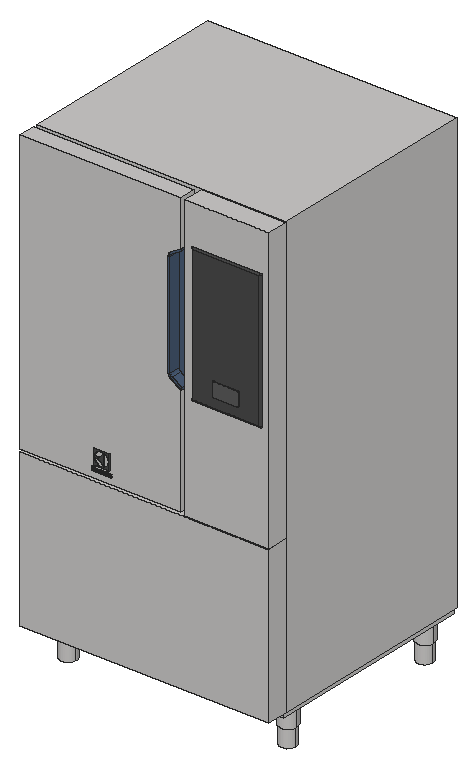
Revit family "QF_ELECTROLUXPROFESSIONAL_727735_EBFA11A", category Specialty Equipment, Revit 2018 (continued)
Automatic sketch dimensions
  Split face 146 sketch curve to Extrusion 4 = 242.501 mm
  Split face 146 sketch curve to Split face 146 sketch curve = 4.974 mm
  Split face 147 sketch curve to Extrusion 4 = 392.465 mm
  Split face 147 sketch curve to Split face 147 sketch curve = 110.016 mm
  Split face 147 sketch curve to Extrusion 4 = 252.001 mm
  Split face 147 sketch curve to Split face 147 sketch curve = 4.974 mm
  Split face 148 sketch curve to Extrusion 4 = 392.465 mm
  Split face 148 sketch curve to Split face 148 sketch curve = 110.016 mm
  Split face 148 sketch curve to Extrusion 4 = 261.501 mm
  Split face 148 sketch curve to Split face 148 sketch curve = 4.974 mm
  Split face 149 sketch curve to Extrusion 4 = 392.465 mm
  Split face 149 sketch curve to Split face 149 sketch curve = 110.016 mm
  Split face 149 sketch curve to Extrusion 4 = 271.001 mm
  Split face 149 sketch curve to Split face 149 sketch curve = 4.974 mm
  Split face 150 sketch curve to Extrusion 4 = 392.465 mm
  Split face 150 sketch curve to Split face 150 sketch curve = 110.016 mm
  Split face 150 sketch curve to Extrusion 4 = 279.479 mm
  Split face 150 sketch curve to Split face 150 sketch curve = 4.974 mm
  Split face 151 sketch curve to Extrusion 4 = 392.465 mm
  Split face 151 sketch curve to Split face 151 sketch curve = 110.016 mm
  Split face 151 sketch curve to Extrusion 4 = 269.979 mm
  Split face 151 sketch curve to Split face 151 sketch curve = 4.974 mm
  Split face 152 sketch curve to Extrusion 4 = 392.465 mm
  Split face 152 sketch curve to Split face 152 sketch curve = 110.016 mm
  Split face 152 sketch curve to Extrusion 4 = 260.479 mm
  Split face 152 sketch curve to Split face 152 sketch curve = 4.974 mm
  Split face 153 sketch curve to Extrusion 4 = 392.465 mm
  Split face 153 sketch curve to Split face 153 sketch curve = 110.016 mm
  Split face 153 sketch curve to Extrusion 4 = 250.978 mm
  Split face 153 sketch curve to Split face 153 sketch curve = 4.974 mm
  Split face 154 sketch curve to Extrusion 4 = 392.465 mm
  Split face 154 sketch curve to Split face 154 sketch curve = 110.016 mm
  Split face 154 sketch curve to Extrusion 4 = 241.478 mm
  Split face 154 sketch curve to Split face 154 sketch curve = 4.974 mm
  Split face 155 sketch curve to Extrusion 4 = 392.465 mm
  Split face 155 sketch curve to Split face 155 sketch curve = 110.016 mm
  Split face 155 sketch curve to Extrusion 4 = 231.978 mm
  Split face 155 sketch curve to Split face 155 sketch curve = 4.974 mm
  Split face 156 sketch curve to Extrusion 4 = 392.465 mm
  Split face 156 sketch curve to Split face 156 sketch curve = 110.016 mm
  Split face 156 sketch curve to Extrusion 4 = 222.478 mm
  Split face 156 sketch curve to Split face 156 sketch curve = 4.974 mm
  Split face 157 sketch curve to Extrusion 4 = 392.465 mm
  Split face 157 sketch curve to Split face 157 sketch curve = 110.016 mm
  Split face 157 sketch curve to Extrusion 4 = 212.978 mm
  Split face 157 sketch curve to Split face 157 sketch curve = 4.974 mm
  Split face 158 sketch curve to Extrusion 4 = 392.465 mm
  Split face 158 sketch curve to Split face 158 sketch curve = 110.016 mm
  Split face 158 sketch curve to Extrusion 4 = 203.478 mm
  Split face 158 sketch curve to Split face 158 sketch curve = 4.974 mm
  Split face 159 sketch curve to Extrusion 4 = 193.978 mm
  Split face 159 sketch curve to Extrusion 4 = 392.465 mm
  Split face 159 sketch curve to Split face 159 sketch curve = 110.016 mm
  Split face 159 sketch curve to Split face 159 sketch curve = 4.974 mm
  Split face 160 sketch curve to Extrusion 4 = 184.478 mm
  Split face 160 sketch curve to Extrusion 4 = 392.465 mm
  Split face 160 sketch curve to Split face 160 sketch curve = 110.016 mm
  Split face 160 sketch curve to Split face 160 sketch curve = 4.974 mm
  Split face 161 sketch curve to Extrusion 4 = 174.978 mm
  Split face 161 sketch curve to Extrusion 4 = 392.465 mm
  Split face 161 sketch curve to Split face 161 sketch curve = 110.016 mm
  Split face 161 sketch curve to Split face 161 sketch curve = 4.974 mm
  Split face 162 sketch curve to Extrusion 4 = 165.478 mm
  Split face 162 sketch curve to Extrusion 4 = 392.465 mm
  Split face 162 sketch curve to Split face 162 sketch curve = 110.016 mm
  Split face 162 sketch curve to Split face 162 sketch curve = 4.974 mm
  Split face 163 sketch curve to Extrusion 4 = 155.978 mm
  Split face 163 sketch curve to Extrusion 4 = 392.465 mm
  Split face 163 sketch curve to Split face 163 sketch curve = 110.016 mm
  Split face 163 sketch curve to Split face 163 sketch curve = 4.974 mm
  Split face 164 sketch curve to Extrusion 4 = 146.478 mm
  Split face 164 sketch curve to Extrusion 4 = 392.465 mm
  Split face 164 sketch curve to Split face 164 sketch curve = 110.016 mm
  Split face 164 sketch curve to Split face 164 sketch curve = 4.974 mm
  Split face 165 sketch curve to Extrusion 4 = 33.499 mm
  Split face 165 sketch curve to Extrusion 4 = 382.543 mm
  Split face 165 sketch curve to Extrusion 4 = 28.525 mm
  Split face 165 sketch curve to Split face 165 sketch curve = 110.016 mm
  Split face 166 sketch curve to Extrusion 4 = 42.999 mm
  Split face 166 sketch curve to Extrusion 4 = 382.543 mm
  Split face 166 sketch curve to Extrusion 4 = 38.025 mm
  Split face 166 sketch curve to Split face 166 sketch curve = 110.016 mm
  Split face 167 sketch curve to Extrusion 4 = 52.499 mm
  Split face 167 sketch curve to Extrusion 4 = 382.543 mm
  Split face 167 sketch curve to Extrusion 4 = 47.525 mm
  Split face 167 sketch curve to Split face 167 sketch curve = 110.016 mm
  Split face 168 sketch curve to Extrusion 4 = 61.999 mm
  Split face 168 sketch curve to Extrusion 4 = 382.543 mm
  Split face 168 sketch curve to Split face 168 sketch curve = 110.016 mm
  Split face 168 sketch curve to Split face 168 sketch curve = 4.974 mm
  Split face 169 sketch curve to Extrusion 4 = 71.499 mm
  Split face 169 sketch curve to Extrusion 4 = 382.543 mm
  Split face 169 sketch curve to Split face 169 sketch curve = 110.016 mm
  Split face 169 sketch curve to Split face 169 sketch curve = 4.974 mm
  Split face 170 sketch curve to Extrusion 4 = 80.999 mm
  Split face 170 sketch curve to Extrusion 4 = 382.543 mm
  Split face 170 sketch curve to Split face 170 sketch curve = 110.016 mm
  Split face 170 sketch curve to Split face 170 sketch curve = 4.974 mm
  Split face 171 sketch curve to Extrusion 4 = 90.499 mm
  Split face 171 sketch curve to Extrusion 4 = 382.543 mm
  Split face 171 sketch curve to Split face 171 sketch curve = 110.016 mm
  Split face 171 sketch curve to Split face 171 sketch curve = 4.974 mm
  Split face 172 sketch curve to Extrusion 4 = 99.999 mm
  Split face 172 sketch curve to Extrusion 4 = 382.543 mm
  Split face 172 sketch curve to Split face 172 sketch curve = 110.016 mm
  Split face 172 sketch curve to Split face 172 sketch curve = 4.974 mm
  Split face 173 sketch curve to Extrusion 4 = 109.499 mm
  Split face 173 sketch curve to Extrusion 4 = 382.543 mm
  Split face 173 sketch curve to Split face 173 sketch curve = 110.016 mm
  Split face 173 sketch curve to Split face 173 sketch curve = 4.974 mm
  Split face 174 sketch curve to Extrusion 4 = 119 mm
  Split face 174 sketch curve to Extrusion 4 = 382.543 mm
  Split face 174 sketch curve to Split face 174 sketch curve = 110.016 mm
  Split face 174 sketch curve to Split face 174 sketch curve = 4.974 mm
  Split face 175 sketch curve to Extrusion 4 = 128.5 mm
  Split face 175 sketch curve to Extrusion 4 = 382.543 mm
  Split face 175 sketch curve to Split face 175 sketch curve = 110.016 mm
  Split face 175 sketch curve to Split face 175 sketch curve = 4.974 mm
  Split face 176 sketch curve to Extrusion 4 = 138 mm
  Split face 176 sketch curve to Extrusion 4 = 382.543 mm
  Split face 176 sketch curve to Split face 176 sketch curve = 110.016 mm
  Split face 176 sketch curve to Split face 176 sketch curve = 4.974 mm
  Split face 177 sketch curve to Extrusion 4 = 147.5 mm
  Split face 177 sketch curve to Extrusion 4 = 382.543 mm
  Split face 177 sketch curve to Split face 177 sketch curve = 110.016 mm
  Split face 177 sketch curve to Split face 177 sketch curve = 4.974 mm
  Split face 178 sketch curve to Extrusion 4 = 157 mm
  Split face 178 sketch curve to Extrusion 4 = 382.543 mm
  Split face 178 sketch curve to Split face 178 sketch curve = 110.016 mm
  Split face 178 sketch curve to Split face 178 sketch curve = 4.974 mm
  Split face 179 sketch curve to Extrusion 4 = 166.5 mm
  Split face 179 sketch curve to Extrusion 4 = 382.543 mm
  Split face 179 sketch curve to Split face 179 sketch curve = 110.016 mm
  Split face 179 sketch curve to Split face 179 sketch curve = 4.974 mm
  Split face 180 sketch curve to Extrusion 4 = 176 mm
  Split face 180 sketch curve to Extrusion 4 = 382.543 mm
  Split face 180 sketch curve to Split face 180 sketch curve = 110.016 mm
  Split face 180 sketch curve to Split face 180 sketch curve = 4.974 mm
  Split face 181 sketch curve to Extrusion 4 = 185.5 mm
  Split face 181 sketch curve to Extrusion 4 = 382.543 mm
  Split face 181 sketch curve to Split face 181 sketch curve = 110.016 mm
  Split face 181 sketch curve to Split face 181 sketch curve = 4.974 mm
  Split face 182 sketch curve to Extrusion 4 = 382.543 mm
  Split face 182 sketch curve to Split face 182 sketch curve = 110.016 mm
  Split face 182 sketch curve to Extrusion 4 = 195 mm
  Split face 182 sketch curve to Split face 182 sketch curve = 4.974 mm
  Split face 183 sketch curve to Extrusion 4 = 382.543 mm
  Split face 183 sketch curve to Split face 183 sketch curve = 110.016 mm
  Split face 183 sketch curve to Extrusion 4 = 204.5 mm
  Split face 183 sketch curve to Split face 183 sketch curve = 4.974 mm
  Split face 184 sketch curve to Extrusion 4 = 382.543 mm
  Split face 184 sketch curve to Split face 184 sketch curve = 110.016 mm
  Split face 184 sketch curve to Extrusion 4 = 214 mm
  Split face 184 sketch curve to Split face 184 sketch curve = 4.974 mm
  Split face 185 sketch curve to Extrusion 4 = 382.543 mm
  Split face 185 sketch curve to Split face 185 sketch curve = 110.016 mm
  Split face 185 sketch curve to Extrusion 4 = 223.5 mm
  Split face 185 sketch curve to Split face 185 sketch curve = 4.974 mm
  Split face 186 sketch curve to Extrusion 4 = 382.543 mm
  Split face 186 sketch curve to Split face 186 sketch curve = 110.016 mm
  Split face 186 sketch curve to Extrusion 4 = 233.001 mm
  Split face 186 sketch curve to Split face 186 sketch curve = 4.974 mm
  Split face 187 sketch curve to Extrusion 4 = 382.543 mm
  Split face 187 sketch curve to Split face 187 sketch curve = 110.016 mm
  Split face 187 sketch curve to Extrusion 4 = 242.501 mm
  Split face 187 sketch curve to Split face 187 sketch curve = 4.974 mm
  Split face 188 sketch curve to Extrusion 4 = 382.543 mm
  Split face 188 sketch curve to Split face 188 sketch curve = 110.016 mm
  Split face 188 sketch curve to Extrusion 4 = 252.001 mm
  Split face 188 sketch curve to Split face 188 sketch curve = 4.974 mm
  Split face 189 sketch curve to Extrusion 4 = 382.543 mm
  Split face 189 sketch curve to Split face 189 sketch curve = 110.016 mm
  Split face 189 sketch curve to Extrusion 4 = 261.501 mm
  Split face 189 sketch curve to Split face 189 sketch curve = 4.974 mm
  Split face 190 sketch curve to Extrusion 4 = 382.543 mm
  Split face 190 sketch curve to Split face 190 sketch curve = 110.016 mm
  Split face 190 sketch curve to Extrusion 4 = 271.001 mm
  Split face 190 sketch curve to Split face 190 sketch curve = 4.974 mm
  Split face 191 sketch curve to Extrusion 4 = 382.543 mm
  Split face 191 sketch curve to Split face 191 sketch curve = 110.016 mm
  Split face 191 sketch curve to Extrusion 4 = 279.479 mm
  Split face 191 sketch curve to Split face 191 sketch curve = 4.974 mm
  Split face 192 sketch curve to Extrusion 4 = 382.543 mm
  Split face 192 sketch curve to Split face 192 sketch curve = 110.016 mm
  Split face 192 sketch curve to Extrusion 4 = 269.979 mm
  Split face 192 sketch curve to Split face 192 sketch curve = 4.974 mm
  Split face 193 sketch curve to Extrusion 4 = 382.543 mm
  Split face 193 sketch curve to Split face 193 sketch curve = 110.016 mm
  Split face 193 sketch curve to Extrusion 4 = 260.479 mm
  Split face 193 sketch curve to Split face 193 sketch curve = 4.974 mm
  Split face 194 sketch curve to Extrusion 4 = 382.543 mm
  Split face 194 sketch curve to Split face 194 sketch curve = 110.016 mm
  Split face 194 sketch curve to Extrusion 4 = 250.978 mm
  Split face 194 sketch curve to Split face 194 sketch curve = 4.974 mm
  Split face 195 sketch curve to Extrusion 4 = 382.543 mm
  Split face 195 sketch curve to Split face 195 sketch curve = 110.016 mm
  Split face 195 sketch curve to Extrusion 4 = 241.478 mm
  Split face 195 sketch curve to Split face 195 sketch curve = 4.974 mm
  Split face 196 sketch curve to Extrusion 4 = 382.543 mm
  Split face 196 sketch curve to Split face 196 sketch curve = 110.016 mm
  Split face 196 sketch curve to Extrusion 4 = 231.978 mm
  Split face 196 sketch curve to Split face 196 sketch curve = 4.974 mm
  Split face 197 sketch curve to Extrusion 4 = 382.543 mm
  Split face 197 sketch curve to Split face 197 sketch curve = 110.016 mm
  Split face 197 sketch curve to Extrusion 4 = 222.478 mm
  Split face 197 sketch curve to Split face 197 sketch curve = 4.974 mm
  Split face 198 sketch curve to Extrusion 4 = 382.543 mm
  Split face 198 sketch curve to Split face 198 sketch curve = 110.016 mm
  Split face 198 sketch curve to Extrusion 4 = 212.978 mm
  Split face 198 sketch curve to Split face 198 sketch curve = 4.974 mm
  Split face 199 sketch curve to Extrusion 4 = 382.543 mm
  Split face 199 sketch curve to Split face 199 sketch curve = 110.016 mm
  Split face 199 sketch curve to Extrusion 4 = 203.478 mm
  Split face 199 sketch curve to Split face 199 sketch curve = 4.974 mm
  Split face 200 sketch curve to Extrusion 4 = 382.543 mm
  Split face 200 sketch curve to Split face 200 sketch curve = 110.016 mm
  Split face 200 sketch curve to Extrusion 4 = 193.978 mm
  Split face 200 sketch curve to Split face 200 sketch curve = 4.974 mm
  Split face 201 sketch curve to Extrusion 4 = 184.478 mm
  Split face 201 sketch curve to Extrusion 4 = 382.543 mm
  Split face 201 sketch curve to Split face 201 sketch curve = 110.016 mm
  Split face 201 sketch curve to Split face 201 sketch curve = 4.974 mm
  Split face 202 sketch curve to Extrusion 4 = 174.978 mm
  Split face 202 sketch curve to Extrusion 4 = 382.543 mm
  Split face 202 sketch curve to Split face 202 sketch curve = 110.016 mm
  Split face 202 sketch curve to Split face 202 sketch curve = 4.974 mm
  Split face 203 sketch curve to Extrusion 4 = 165.478 mm
  Split face 203 sketch curve to Extrusion 4 = 382.543 mm
  Split face 203 sketch curve to Split face 203 sketch curve = 110.016 mm
  Split face 203 sketch curve to Split face 203 sketch curve = 4.974 mm
  Split face 204 sketch curve to Extrusion 4 = 155.978 mm
  Split face 204 sketch curve to Extrusion 4 = 382.543 mm
  Split face 204 sketch curve to Split face 204 sketch curve = 110.016 mm
  Split face 204 sketch curve to Split face 204 sketch curve = 4.974 mm
  Split face 205 sketch curve to Extrusion 4 = 146.478 mm
  Split face 205 sketch curve to Extrusion 4 = 382.543 mm
  Split face 205 sketch curve to Split face 205 sketch curve = 110.016 mm
  Split face 205 sketch curve to Split face 205 sketch curve = 4.974 mm
  Split face 206 sketch curve to Extrusion 4 = 33.499 mm
  Split face 206 sketch curve to Extrusion 4 = 262.552 mm
  Split face 206 sketch curve to Extrusion 4 = 28.525 mm
  Split face 206 sketch curve to Split face 206 sketch curve = 110.016 mm
  Split face 207 sketch curve to Extrusion 4 = 42.999 mm
  Split face 207 sketch curve to Extrusion 4 = 262.552 mm
  Split face 207 sketch curve to Extrusion 4 = 38.025 mm
  Split face 207 sketch curve to Split face 207 sketch curve = 110.016 mm
  Split face 208 sketch curve to Extrusion 4 = 52.499 mm
  Split face 208 sketch curve to Extrusion 4 = 262.552 mm
  Split face 208 sketch curve to Extrusion 4 = 47.525 mm
  Split face 208 sketch curve to Split face 208 sketch curve = 110.016 mm
  Split face 209 sketch curve to Extrusion 4 = 61.999 mm
  Split face 209 sketch curve to Extrusion 4 = 262.552 mm
  Split face 209 sketch curve to Split face 209 sketch curve = 110.016 mm
  Split face 209 sketch curve to Split face 209 sketch curve = 4.974 mm
  Split face 210 sketch curve to Extrusion 4 = 71.499 mm
  Split face 210 sketch curve to Extrusion 4 = 262.552 mm
  Split face 210 sketch curve to Split face 210 sketch curve = 110.016 mm
  Split face 210 sketch curve to Split face 210 sketch curve = 4.974 mm
  Split face 211 sketch curve to Extrusion 4 = 80.999 mm
  Split face 211 sketch curve to Extrusion 4 = 262.552 mm
  Split face 211 sketch curve to Split face 211 sketch curve = 110.016 mm
  Split face 211 sketch curve to Split face 211 sketch curve = 4.974 mm
  Split face 212 sketch curve to Extrusion 4 = 90.499 mm
  Split face 212 sketch curve to Extrusion 4 = 262.552 mm
  Split face 212 sketch curve to Split face 212 sketch curve = 110.016 mm
  Split face 212 sketch curve to Split face 212 sketch curve = 4.974 mm
  Split face 213 sketch curve to Extrusion 4 = 99.999 mm
  Split face 213 sketch curve to Extrusion 4 = 262.552 mm
  Split face 213 sketch curve to Split face 213 sketch curve = 110.016 mm
  Split face 213 sketch curve to Split face 213 sketch curve = 4.974 mm
  Split face 214 sketch curve to Extrusion 4 = 109.499 mm
  Split face 214 sketch curve to Extrusion 4 = 262.552 mm
  Split face 214 sketch curve to Split face 214 sketch curve = 110.016 mm
  Split face 214 sketch curve to Split face 214 sketch curve = 4.974 mm
  Split face 215 sketch curve to Extrusion 4 = 119 mm
  Split face 215 sketch curve to Extrusion 4 = 262.552 mm
  Split face 215 sketch curve to Split face 215 sketch curve = 110.016 mm
  Split face 215 sketch curve to Split face 215 sketch curve = 4.974 mm
  Split face 216 sketch curve to Extrusion 4 = 128.5 mm
  Split face 216 sketch curve to Extrusion 4 = 262.552 mm
  Split face 216 sketch curve to Split face 216 sketch curve = 110.016 mm
  Split face 216 sketch curve to Split face 216 sketch curve = 4.974 mm
  Split face 217 sketch curve to Extrusion 4 = 262.552 mm
  Split face 217 sketch curve to Split face 217 sketch curve = 110.016 mm
  Split face 217 sketch curve to Extrusion 4 = 138 mm
  Split face 217 sketch curve to Split face 217 sketch curve = 4.974 mm
  Split face 218 sketch curve to Extrusion 4 = 262.552 mm
  Split face 218 sketch curve to Split face 218 sketch curve = 110.016 mm
  Split face 218 sketch curve to Extrusion 4 = 147.5 mm
  Split face 218 sketch curve to Split face 218 sketch curve = 4.974 mm
  Split face 219 sketch curve to Extrusion 4 = 262.552 mm
  Split face 219 sketch curve to Split face 219 sketch curve = 110.016 mm
  Split face 219 sketch curve to Extrusion 4 = 157 mm
  Split face 219 sketch curve to Split face 219 sketch curve = 4.974 mm
  Split face 220 sketch curve to Extrusion 4 = 262.552 mm
  Split face 220 sketch curve to Split face 220 sketch curve = 110.016 mm
  Split face 220 sketch curve to Extrusion 4 = 166.5 mm
  Split face 220 sketch curve to Split face 220 sketch curve = 4.974 mm
  Split face 221 sketch curve to Extrusion 4 = 262.552 mm
  Split face 221 sketch curve to Split face 221 sketch curve = 110.016 mm
  Split face 221 sketch curve to Extrusion 4 = 176 mm
  Split face 221 sketch curve to Split face 221 sketch curve = 4.974 mm
  Split face 222 sketch curve to Extrusion 4 = 262.552 mm
  Split face 222 sketch curve to Split face 222 sketch curve = 110.016 mm
  Split face 222 sketch curve to Extrusion 4 = 185.5 mm
  Split face 222 sketch curve to Split face 222 sketch curve = 4.974 mm
  Split face 223 sketch curve to Extrusion 4 = 262.552 mm
  Split face 223 sketch curve to Split face 223 sketch curve = 110.016 mm
  Split face 223 sketch curve to Extrusion 4 = 195 mm
  Split face 223 sketch curve to Split face 223 sketch curve = 4.974 mm
  Split face 224 sketch curve to Extrusion 4 = 262.552 mm
  Split face 224 sketch curve to Split face 224 sketch curve = 110.016 mm
  Split face 224 sketch curve to Extrusion 4 = 204.5 mm
  Split face 224 sketch curve to Split face 224 sketch curve = 4.974 mm
  Split face 225 sketch curve to Extrusion 4 = 262.552 mm
  Split face 225 sketch curve to Split face 225 sketch curve = 110.016 mm
  Split face 225 sketch curve to Extrusion 4 = 214 mm
  Split face 225 sketch curve to Split face 225 sketch curve = 4.974 mm
  Split face 226 sketch curve to Extrusion 4 = 262.552 mm
  Split face 226 sketch curve to Split face 226 sketch curve = 110.016 mm
  Split face 226 sketch curve to Extrusion 4 = 223.5 mm
  Split face 226 sketch curve to Split face 226 sketch curve = 4.974 mm
  Split face 227 sketch curve to Extrusion 4 = 262.552 mm
  Split face 227 sketch curve to Split face 227 sketch curve = 110.016 mm
  Split face 227 sketch curve to Extrusion 4 = 233.001 mm
  Split face 227 sketch curve to Split face 227 sketch curve = 4.974 mm
  Split face 228 sketch curve to Extrusion 4 = 262.552 mm
  Split face 228 sketch curve to Split face 228 sketch curve = 110.016 mm
  Split face 228 sketch curve to Extrusion 4 = 242.501 mm
  Split face 228 sketch curve to Split face 228 sketch curve = 4.974 mm
  Split face 229 sketch curve to Extrusion 4 = 262.552 mm
  Split face 229 sketch curve to Split face 229 sketch curve = 110.016 mm
  Split face 229 sketch curve to Extrusion 4 = 252.001 mm
  Split face 229 sketch curve to Split face 229 sketch curve = 4.974 mm
  Split face 230 sketch curve to Extrusion 4 = 262.552 mm
  Split face 230 sketch curve to Split face 230 sketch curve = 110.016 mm
  Split face 230 sketch curve to Extrusion 4 = 261.501 mm
  Split face 230 sketch curve to Split face 230 sketch curve = 4.974 mm
  Split face 231 sketch curve to Extrusion 4 = 262.552 mm
  Split face 231 sketch curve to Split face 231 sketch curve = 110.016 mm
  Split face 231 sketch curve to Extrusion 4 = 271.001 mm
  Split face 231 sketch curve to Split face 231 sketch curve = 4.974 mm
  Split face 232 sketch curve to Extrusion 4 = 262.552 mm
  Split face 232 sketch curve to Split face 232 sketch curve = 110.016 mm
  Split face 232 sketch curve to Extrusion 4 = 279.479 mm
  Split face 232 sketch curve to Split face 232 sketch curve = 4.974 mm
  Split face 233 sketch curve to Extrusion 4 = 262.552 mm
  Split face 233 sketch curve to Split face 233 sketch curve = 110.016 mm
  Split face 233 sketch curve to Extrusion 4 = 269.979 mm
  Split face 233 sketch curve to Split face 233 sketch curve = 4.974 mm
  Split face 234 sketch curve to Extrusion 4 = 262.552 mm
  Split face 234 sketch curve to Split face 234 sketch curve = 110.016 mm
  Split face 234 sketch curve to Extrusion 4 = 260.479 mm
  Split face 234 sketch curve to Split face 234 sketch curve = 4.974 mm
  Split face 235 sketch curve to Extrusion 4 = 262.552 mm
  Split face 235 sketch curve to Split face 235 sketch curve = 110.016 mm
  Split face 235 sketch curve to Extrusion 4 = 250.978 mm
  Split face 235 sketch curve to Split face 235 sketch curve = 4.974 mm
  Split face 236 sketch curve to Extrusion 4 = 262.552 mm
  Split face 236 sketch curve to Split face 236 sketch curve = 110.016 mm
  Split face 236 sketch curve to Extrusion 4 = 241.478 mm
  Split face 236 sketch curve to Split face 236 sketch curve = 4.974 mm
  Split face 237 sketch curve to Extrusion 4 = 262.552 mm
  Split face 237 sketch curve to Split face 237 sketch curve = 110.016 mm
  Split face 237 sketch curve to Extrusion 4 = 231.978 mm
  Split face 237 sketch curve to Split face 237 sketch curve = 4.974 mm
  Split face 238 sketch curve to Extrusion 4 = 262.552 mm
  Split face 238 sketch curve to Split face 238 sketch curve = 110.016 mm
  Split face 238 sketch curve to Extrusion 4 = 222.478 mm
  Split face 238 sketch curve to Split face 238 sketch curve = 4.974 mm
  Split face 239 sketch curve to Extrusion 4 = 262.552 mm
  Split face 239 sketch curve to Split face 239 sketch curve = 110.016 mm
  Split face 239 sketch curve to Extrusion 4 = 212.978 mm
  Split face 239 sketch curve to Split face 239 sketch curve = 4.974 mm
  Split face 240 sketch curve to Extrusion 4 = 262.552 mm
  Split face 240 sketch curve to Split face 240 sketch curve = 110.016 mm
  Split face 240 sketch curve to Extrusion 4 = 203.478 mm
  Split face 240 sketch curve to Split face 240 sketch curve = 4.974 mm
  Split face 241 sketch curve to Extrusion 4 = 262.552 mm
  Split face 241 sketch curve to Split face 241 sketch curve = 110.016 mm
  Split face 241 sketch curve to Extrusion 4 = 193.978 mm
  Split face 241 sketch curve to Split face 241 sketch curve = 4.974 mm
  Split face 242 sketch curve to Extrusion 4 = 262.552 mm
  Split face 242 sketch curve to Split face 242 sketch curve = 110.016 mm
  Split face 242 sketch curve to Extrusion 4 = 184.478 mm
  Split face 242 sketch curve to Split face 242 sketch curve = 4.974 mm
  Split face 243 sketch curve to Extrusion 4 = 262.552 mm
  Split face 243 sketch curve to Split face 243 sketch curve = 110.016 mm
  Split face 243 sketch curve to Extrusion 4 = 174.978 mm
  Split face 243 sketch curve to Split face 243 sketch curve = 4.974 mm
  Split face 244 sketch curve to Extrusion 4 = 262.552 mm
  Split face 244 sketch curve to Split face 244 sketch curve = 110.016 mm
  Split face 244 sketch curve to Extrusion 4 = 165.478 mm
  Split face 244 sketch curve to Split face 244 sketch curve = 4.974 mm
  Split face 245 sketch curve to Extrusion 4 = 262.552 mm
  Split face 245 sketch curve to Split face 245 sketch curve = 110.016 mm
  Split face 245 sketch curve to Extrusion 4 = 155.978 mm
  Split face 245 sketch curve to Split face 245 sketch curve = 4.974 mm
  Split face 246 sketch curve to Extrusion 4 = 262.552 mm
  Split face 246 sketch curve to Split face 246 sketch curve = 110.016 mm
  Split face 246 sketch curve to Extrusion 4 = 146.478 mm
  Split face 246 sketch curve to Split face 246 sketch curve = 4.974 mm
  Split face 247 sketch curve to Extrusion 4 = 33.499 mm
  Split face 247 sketch curve to Extrusion 4 = 142.561 mm
  Split face 247 sketch curve to Extrusion 4 = 32.544 mm
  Split face 247 sketch curve to Split face 247 sketch curve = 4.974 mm
  Split face 248 sketch curve to Extrusion 4 = 42.999 mm
  Split face 248 sketch curve to Extrusion 4 = 142.561 mm
  Split face 248 sketch curve to Extrusion 4 = 32.544 mm
  Split face 248 sketch curve to Split face 248 sketch curve = 4.974 mm
  Split face 249 sketch curve to Extrusion 4 = 52.499 mm
  Split face 249 sketch curve to Extrusion 4 = 142.561 mm
  Split face 249 sketch curve to Extrusion 4 = 32.544 mm
  Split face 249 sketch curve to Split face 249 sketch curve = 4.974 mm
  Split face 250 sketch curve to Extrusion 4 = 61.999 mm
  Split face 250 sketch curve to Extrusion 4 = 142.561 mm
  Split face 250 sketch curve to Extrusion 4 = 32.544 mm
  Split face 250 sketch curve to Split face 250 sketch curve = 4.974 mm
  Split face 251 sketch curve to Extrusion 4 = 142.561 mm
  Split face 251 sketch curve to Extrusion 4 = 32.544 mm
  Split face 251 sketch curve to Extrusion 4 = 71.499 mm
  Split face 251 sketch curve to Split face 251 sketch curve = 4.974 mm
  Split face 252 sketch curve to Extrusion 4 = 142.561 mm
  Split face 252 sketch curve to Extrusion 4 = 32.544 mm
  Split face 252 sketch curve to Extrusion 4 = 80.999 mm
  Split face 252 sketch curve to Split face 252 sketch curve = 4.974 mm
  Split face 253 sketch curve to Extrusion 4 = 142.561 mm
  Split face 253 sketch curve to Extrusion 4 = 32.544 mm
  Split face 253 sketch curve to Extrusion 4 = 90.499 mm
  Split face 253 sketch curve to Split face 253 sketch curve = 4.974 mm
  Split face 254 sketch curve to Extrusion 4 = 142.561 mm
  Split face 254 sketch curve to Extrusion 4 = 32.544 mm
  Split face 254 sketch curve to Extrusion 4 = 99.999 mm
  Split face 254 sketch curve to Split face 254 sketch curve = 4.974 mm
  Split face 255 sketch curve to Extrusion 4 = 142.561 mm
  Split face 255 sketch curve to Extrusion 4 = 32.544 mm
  Split face 255 sketch curve to Extrusion 4 = 109.499 mm
  Split face 255 sketch curve to Split face 255 sketch curve = 4.974 mm
  Split face 256 sketch curve to Extrusion 4 = 142.561 mm
  Split face 256 sketch curve to Extrusion 4 = 32.544 mm
  Split face 256 sketch curve to Extrusion 4 = 119 mm
  Split face 256 sketch curve to Split face 256 sketch curve = 4.974 mm
  Split face 257 sketch curve to Extrusion 4 = 142.561 mm
  Split face 257 sketch curve to Extrusion 4 = 32.544 mm
  Split face 257 sketch curve to Extrusion 4 = 128.5 mm
  Split face 257 sketch curve to Split face 257 sketch curve = 4.974 mm
  Split face 258 sketch curve to Extrusion 4 = 142.561 mm
  Split face 258 sketch curve to Extrusion 4 = 32.544 mm
  Split face 258 sketch curve to Extrusion 4 = 138 mm
  Split face 258 sketch curve to Split face 258 sketch curve = 4.974 mm
  Split face 259 sketch curve to Extrusion 4 = 142.561 mm
  Split face 259 sketch curve to Extrusion 4 = 32.544 mm
  Split face 259 sketch curve to Extrusion 4 = 147.5 mm
  Split face 259 sketch curve to Split face 259 sketch curve = 4.974 mm
  Split face 260 sketch curve to Extrusion 4 = 142.561 mm
  Split face 260 sketch curve to Extrusion 4 = 32.544 mm
  Split face 260 sketch curve to Extrusion 4 = 157 mm
  Split face 260 sketch curve to Split face 260 sketch curve = 4.974 mm
  Split face 261 sketch curve to Extrusion 4 = 142.561 mm
  Split face 261 sketch curve to Extrusion 4 = 32.544 mm
  Split face 261 sketch curve to Extrusion 4 = 166.5 mm
  Split face 261 sketch curve to Split face 261 sketch curve = 4.974 mm
  Split face 262 sketch curve to Extrusion 4 = 142.561 mm
  Split face 262 sketch curve to Extrusion 4 = 32.544 mm
  Split face 262 sketch curve to Extrusion 4 = 176 mm
  Split face 262 sketch curve to Split face 262 sketch curve = 4.974 mm
  Split face 263 sketch curve to Extrusion 4 = 142.561 mm
  Split face 263 sketch curve to Extrusion 4 = 32.544 mm
  Split face 263 sketch curve to Extrusion 4 = 185.5 mm
  Split face 263 sketch curve to Split face 263 sketch curve = 4.974 mm
  Split face 264 sketch curve to Extrusion 4 = 142.561 mm
  Split face 264 sketch curve to Extrusion 4 = 32.544 mm
  Split face 264 sketch curve to Extrusion 4 = 195 mm
  Split face 264 sketch curve to Split face 264 sketch curve = 4.974 mm
  Split face 265 sketch curve to Extrusion 4 = 142.561 mm
  Split face 265 sketch curve to Extrusion 4 = 32.544 mm
  Split face 265 sketch curve to Extrusion 4 = 204.5 mm
  Split face 265 sketch curve to Split face 265 sketch curve = 4.974 mm
  Split face 266 sketch curve to Extrusion 4 = 142.561 mm
  Split face 266 sketch curve to Extrusion 4 = 32.544 mm
  Split face 266 sketch curve to Extrusion 4 = 214 mm
  Split face 266 sketch curve to Split face 266 sketch curve = 4.974 mm
  Split face 267 sketch curve to Extrusion 4 = 142.561 mm
  Split face 267 sketch curve to Extrusion 4 = 32.544 mm
  Split face 267 sketch curve to Extrusion 4 = 223.5 mm
  Split face 267 sketch curve to Split face 267 sketch curve = 4.974 mm
  Split face 268 sketch curve to Extrusion 4 = 142.561 mm
  Split face 268 sketch curve to Extrusion 4 = 32.544 mm
  Split face 268 sketch curve to Extrusion 4 = 233.001 mm
  Split face 268 sketch curve to Split face 268 sketch curve = 4.974 mm
  Split face 269 sketch curve to Extrusion 4 = 142.561 mm
  Split face 269 sketch curve to Extrusion 4 = 32.544 mm
  Split face 269 sketch curve to Extrusion 4 = 242.501 mm
  Split face 269 sketch curve to Split face 269 sketch curve = 4.974 mm
  Split face 270 sketch curve to Extrusion 4 = 142.561 mm
  Split face 270 sketch curve to Extrusion 4 = 32.544 mm
  Split face 270 sketch curve to Extrusion 4 = 252.001 mm
  Split face 270 sketch curve to Split face 270 sketch curve = 4.974 mm
  Split face 271 sketch curve to Extrusion 4 = 142.561 mm
  Split face 271 sketch curve to Extrusion 4 = 32.544 mm
  Split face 271 sketch curve to Extrusion 4 = 261.501 mm
  Split face 271 sketch curve to Split face 271 sketch curve = 4.974 mm
  Split face 272 sketch curve to Extrusion 4 = 142.561 mm
  Split face 272 sketch curve to Extrusion 4 = 32.544 mm
  Split face 272 sketch curve to Extrusion 4 = 271.001 mm
  Split face 272 sketch curve to Split face 272 sketch curve = 4.974 mm
  Split face 273 sketch curve to Extrusion 4 = 142.561 mm
  Split face 273 sketch curve to Extrusion 4 = 32.544 mm
  Split face 273 sketch curve to Extrusion 4 = 279.479 mm
  Split face 273 sketch curve to Split face 273 sketch curve = 4.974 mm
  Split face 274 sketch curve to Extrusion 4 = 142.561 mm
  Split face 274 sketch curve to Extrusion 4 = 32.544 mm
  Split face 274 sketch curve to Extrusion 4 = 269.979 mm
  Split face 274 sketch curve to Split face 274 sketch curve = 4.974 mm
  Split face 275 sketch curve to Extrusion 4 = 142.561 mm
  Split face 275 sketch curve to Extrusion 4 = 32.544 mm
  Split face 275 sketch curve to Extrusion 4 = 260.479 mm
  Split face 275 sketch curve to Split face 275 sketch curve = 4.974 mm
  Split face 276 sketch curve to Extrusion 4 = 142.561 mm
  Split face 276 sketch curve to Extrusion 4 = 32.544 mm
  Split face 276 sketch curve to Extrusion 4 = 250.978 mm
  Split face 276 sketch curve to Split face 276 sketch curve = 4.974 mm
  Split face 277 sketch curve to Extrusion 4 = 142.561 mm
  Split face 277 sketch curve to Extrusion 4 = 32.544 mm
  Split face 277 sketch curve to Extrusion 4 = 241.478 mm
  Split face 277 sketch curve to Split face 277 sketch curve = 4.974 mm
  Split face 278 sketch curve to Extrusion 4 = 142.561 mm
  Split face 278 sketch curve to Extrusion 4 = 32.544 mm
  Split face 278 sketch curve to Extrusion 4 = 231.978 mm
  Split face 278 sketch curve to Split face 278 sketch curve = 4.974 mm
  Split face 279 sketch curve to Extrusion 4 = 142.561 mm
  Split face 279 sketch curve to Extrusion 4 = 32.544 mm
  Split face 279 sketch curve to Extrusion 4 = 222.478 mm
  Split face 279 sketch curve to Split face 279 sketch curve = 4.974 mm
  Split face 280 sketch curve to Extrusion 4 = 142.561 mm
  Split face 280 sketch curve to Extrusion 4 = 32.544 mm
  Split face 280 sketch curve to Extrusion 4 = 212.978 mm
  Split face 280 sketch curve to Split face 280 sketch curve = 4.974 mm
  Split face 281 sketch curve to Extrusion 4 = 142.561 mm
  Split face 281 sketch curve to Extrusion 4 = 32.544 mm
  Split face 281 sketch curve to Extrusion 4 = 203.478 mm
  Split face 281 sketch curve to Split face 281 sketch curve = 4.974 mm
  Split face 282 sketch curve to Extrusion 4 = 142.561 mm
  Split face 282 sketch curve to Extrusion 4 = 32.544 mm
  Split face 282 sketch curve to Extrusion 4 = 193.978 mm
  Split face 282 sketch curve to Split face 282 sketch curve = 4.974 mm
  Split face 283 sketch curve to Extrusion 4 = 142.561 mm
  Split face 283 sketch curve to Extrusion 4 = 32.544 mm
  Split face 283 sketch curve to Extrusion 4 = 184.478 mm
  Split face 283 sketch curve to Split face 283 sketch curve = 4.974 mm
  Split face 284 sketch curve to Extrusion 4 = 142.561 mm
  Split face 284 sketch curve to Extrusion 4 = 32.544 mm
  Split face 284 sketch curve to Extrusion 4 = 174.978 mm
  Split face 284 sketch curve to Split face 284 sketch curve = 4.974 mm
  Split face 285 sketch curve to Extrusion 4 = 142.561 mm
  Split face 285 sketch curve to Extrusion 4 = 32.544 mm
  Split face 285 sketch curve to Extrusion 4 = 165.478 mm
  Split face 285 sketch curve to Split face 285 sketch curve = 4.974 mm
  Split face 286 sketch curve to Extrusion 4 = 142.561 mm
  Split face 286 sketch curve to Extrusion 4 = 32.544 mm
  Split face 286 sketch curve to Extrusion 4 = 155.978 mm
  Split face 286 sketch curve to Split face 286 sketch curve = 4.974 mm
  Split face 287 sketch curve to Extrusion 4 = 142.561 mm
  Split face 287 sketch curve to Extrusion 4 = 32.544 mm
  Split face 287 sketch curve to Extrusion 4 = 146.478 mm
  Split face 287 sketch curve to Split face 287 sketch curve = 4.974 mm
  Extrusion 14 sketch curve to plane 9 "TOP" = 0 mm
  plane 7 "FRONT" to Extrusion 14 sketch curve = 0 mm
  Extrusion 14 sketch curve to Extrusion 14 sketch curve = 8.487 mm
  Extrusion 14 sketch curve to Extrusion 14 sketch curve = 8.95 mm
  Extrusion 14 sketch curve to Extrusion 14 sketch curve = 10.513 mm
  Extrusion 14 sketch curve to Extrusion 14 sketch curve = 20 mm
  Extrusion 14 sketch curve to Extrusion 14 sketch curve = 35.79 mm
  Extrusion 14 sketch curve to Extrusion 14 sketch curve = 36.253 mm
  Extrusion 14 sketch curve to Extrusion 14 sketch curve = 162.03 mm
  Extrusion 14 sketch curve to Extrusion 14 sketch curve = 24.082 mm
  Extrusion 14 sketch curve to Extrusion 14 sketch curve = 374.913 mm
  Extrusion 14 sketch curve to Extrusion 14 sketch curve = 23.723 mm
  plane 8 to Extrusion 14 sketch curve = 589.524 mm
  Extrusion 15 sketch curve to Extrusion 15 sketch curve = 8.487 mm
  Extrusion 15 sketch curve to Extrusion 15 sketch curve = 8.95 mm
  Extrusion 15 sketch curve to Extrusion 15 sketch curve = 19 mm
  Extrusion 15 sketch curve to Extrusion 15 sketch curve = 11.05 mm
  Extrusion 15 sketch curve to plane 9 "TOP" = 186.112 mm
  Extrusion 15 sketch curve to Extrusion 15 sketch curve = 374.913 mm
  Extrusion 15 sketch curve to Extrusion 15 sketch curve = 36.253 mm
  Extrusion 15 sketch curve to Extrusion 15 sketch curve = 35.79 mm
  Extrusion 15 sketch curve to Extrusion 15 sketch curve = 0 mm  (x3)
  Extrusion 15 sketch curve to Extrusion 15 sketch curve = 24.082 mm
  Extrusion 15 sketch curve to Extrusion 15 sketch curve = 23.723 mm
  Extrusion 16 sketch curve to Extrusion 16 sketch curve = 0 mm  (x7)
  Extrusion 16 sketch curve to Extrusion 16 sketch curve = 2.5 mm  (x2)
  Extrusion 16 sketch curve to Extrusion 16 sketch curve = 7.459 mm
  Extrusion 16 sketch curve to Extrusion 16 sketch curve = 6.917 mm
  Extrusion 16 sketch curve to Extrusion 16 sketch curve = 3.591 mm
  Extrusion 16 sketch curve to Extrusion 16 sketch curve = 3.597 mm
  Extrusion 16 sketch curve to Extrusion 16 sketch curve = 5.583 mm
  Extrusion 16 sketch curve to Extrusion 16 sketch curve = 6.5 mm
  Extrusion 16 sketch curve to plane 9 "TOP" = 162.03 mm
  Extrusion 16 sketch curve to Extrusion 16 sketch curve = 6.143 mm
  Extrusion 16 sketch curve to Extrusion 16 sketch curve = 17.939 mm
  Extrusion 16 sketch curve to Extrusion 16 sketch curve = 374.913 mm
  Extrusion 16 sketch curve to Extrusion 16 sketch curve = 23 mm
  Extrusion 16 sketch curve to Extrusion 16 sketch curve = 6.141 mm
  Extrusion 14 sketch curve to plane 7 "FRONT" = 491.76 mm
  Extrusion 15 sketch curve to plane 7 "FRONT" = 491.76 mm
  Extrusion 16 sketch curve to plane 7 "FRONT" = 539 mm
  Extrusion 16 sketch curve to Extrusion 16 sketch curve = 27.24 mm
  Extrusion 16 sketch curve to Extrusion 16 sketch curve = 28.24 mm
  curve 21 to plane 4 "LEFT" = 0 mm
  curve 19 to plane 4 "LEFT" = 0 mm
  curve 27 to plane 7 "FRONT" = 0 mm
  curve 18 to plane 7 "FRONT" = 0 mm
  plane 7 "FRONT" to curve 23 = 60 mm
  plane 3 "Center Y" to curve 23 = 130.7 mm
  curve 25 to plane 7 "FRONT" = 1 mm
  curve 22 to curve 25 = 2.5 mm
  curve 20 to curve 18 = 14.8 mm
  curve 26 to curve 20 = 21 mm
  curve 20 to curve 18 = 16 mm
  curve 27 to curve 22 = 44.74 mm
  Extrusion 10 sketch curve to plane 7 "FRONT" = 0 mm
  plane 4 "LEFT" to Extrusion 10 sketch curve = 22.511 mm
  plane 10 to Extrusion 10 sketch curve = 2 mm
  plane 3 "Center Y" to Extrusion 10 sketch curve = 130.7 mm
  plane 15 to Extrusion 10 sketch curve = 2.5 mm
  curve 1 to plane 5 "BACK" = 0 mm
  curve 1 to plane 6 "RIGHT" = 0 mm
  curve 13 to plane 7 "FRONT" = 0 mm
  curve 6 to plane 14 = 0 mm
  curve 14 to plane 7 "FRONT" = 0 mm
  curve 17 to plane 7 "FRONT" = 0 mm
  curve 2 to plane 4 "LEFT" = 0 mm
  curve 15 to plane 7 "FRONT" = 0 mm
  curve 11 to plane 7 "FRONT" = 5 mm
  plane 12 to curve 11 = 20 mm
  curve 9 to plane 12 = 6.5 mm
  curve 8 to curve 10 = 21 mm
  curve 6 to plane 12 = 50.859 mm
  curve 6 to curve 6 = 164.232 mm
  plane 3 "Center Y" to curve 12 = 177.5 mm
  plane 10 to curve 17 = 2 mm
  plane 4 "LEFT" to curve 14 = 22.511 mm
  plane 15 to curve 16 = 2.5 mm
  curve 16 to plane 4 "LEFT" = 6 mm
  curve 10 to curve 10 = 29 mm
  plane 7 "FRONT" to curve 14 = 18.608 mm
  curve 13 to curve 11 = 8 mm
  curve 10 to curve 7 = 15.266 mm
  curve 5 to curve 5 = 8.092 mm
  curve 11 to curve 12 = 8 mm
  curve 3 to curve 14 = 14.8 mm
  curve 2 to curve 14 = 57.392 mm
  radius of Extrusion 3 sketch curve = 10.5 mm
  radius of Extrusion 6 sketch curve = 9.5 mm
Nested families
  nested 1: "Foot_Complete" at (-707, -144.149, 0), type "Foot_Complete"
    with H 130 mm
  nested 2: "Foot_Complete" at (84, -144.149, 0), type "Foot_Complete"
    with H 130 mm
  nested 3: "Foot_Complete" at (84, 471.851, 0), type "Foot_Complete"
    with H 130 mm
  nested 4: "Foot_Complete" at (-707, 471.851, 0), type "Foot_Complete"
    with H 130 mm
  nested 5: "ELX_Touch" at (-15, -295.149, 1341.605) x (-1, 0, 0) z (0, -1, 0), type "ELX_Touch"
  nested 6: "ELX_Logo_S_New" at (-465.397, -295.149, 749.524) x (1, 0, 0) z (0, -1, 0), visible <- "Show Logo", type "ELX_Logo_S_New"
    with M QF_Finishes_Black
  nested 7: "ELX_Logo_Symbol" at (-465.397, -295.149, 789.524) x (-1, 0, 0) z (0, -1, 0), visible <- "Show Logo", type "ELX_Logo_Symbol"
    with M QF_Finishes_Black
Connectors
  electrical at (67, 576.851, 593), driven by "Volts"
    settings: on Extrusion 3, index 5, voltage 380 V, apparent load 0 VA, apparent load phase1 0 VA, apparent load phase2 0 VA, apparent load phase3 0 VA, power factor 1, load classification "Altro", number of poles 1, system type 30, power factor state 1, is connector primary yes, connector utility no, sub classification motor no, connector description "Electrical Connection"
  piping at (-359, 149.851, 98.32), diameter 19
    settings: on cut or joined group of Extrusion 1, Extrusion 2, Extrusion 3, Extrusion 5, Extrusion 6, Extrusion 7, Extrusion 13, index 6, connector inside diameter 609.6 mm, connector length 0 mm, flow factor 0, pipe flow 0.0 L/s, pressure drop 0.0 Pa, fitting loss kfactor 0, connector angle 0.00°, fixture units 0, engagement length 0 mm, angle of deflection 0.00°, flow configuration 1, flow direction 2, fitting loss method 0, system type 16, joint type 0, gender type 0, connector reference index -1, connector utility 0, adjustable connector no, is connector primary yes, connector description "Drain"
Definition of nested family "Foot_Complete"
  Parameters
    R = 32 mm
    H = 150 mm
  Reference planes
    plane 1 "Centro (Fronte/Retro)": y = 0
    plane 2: z = 0
    plane 3 "Centro (Sinistra/Destra)": x = 0
    plane 4: z = 150
  Forms (mm)
    Revolve 1, solid
      sketch origin (255.05, 0, 608.09) x (0, 0, 1) y (-1, 0, 0)
        loop
          line (-608.09, 255.05) -> (-608.09, 226.55) -> (-544.09, 226.55) -> (-544.09, 223.05) -> (-458.09, 223.05) -> (-458.09, 255.05) -> (-608.09, 255.05)
        axis (-608.09, 255.05) -> (-458.09, 255.05)
      angle from 0 to 360
  Dimensions and locks
    locked: level to Revolve 1 sketch curve at 64
    "R": Revolve 1 sketch curve to plane 3 "Centro (Sinistra/Destra)"
    "H": plane 4 to level
    aligned and locked: level to plane 2
    aligned and locked: plane 4 to Revolve 1 sketch curve
    aligned and locked: Revolve 1 sketch curve to level
    aligned and locked: plane 3 "Centro (Sinistra/Destra)" to Revolve 1 sketch curve
  Automatic sketch dimensions
    Revolve 1 sketch curve to plane 3 "Centro (Sinistra/Destra)" = 0 mm
    plane 3 "Centro (Sinistra/Destra)" to Revolve 1 sketch curve = 28.5 mm
    Revolve 1 sketch curve to Revolve 1 sketch curve = 50 mm
    Revolve 1 sketch curve to Revolve 1 sketch curve = 20 mm
Definition of nested family "ELX_Touch"
  Parameters
    Default Elevation = 1219.2 mm
  Reference planes
    plane 1 "Centro (Fronte/Retro)": y = 0
    plane 2: z = 0
    plane 3 "Centro (Sinistra/Destra)": x = 0
  Forms (mm)
    Extrusion 1, solid
      sketch origin (0, 0, 0) x (1, 0, 0) y (0, 1, 0)
        loop
          line (-1219.2, 1219.2) -> (-1219.2, -1219.2) -> (1219.2, -1219.2) -> (1219.2, 1219.2) -> (-1219.2, 1219.2)
      from 0 to -304.8
    Extrusion 2, solid
      sketch origin (0, 0, 5) x (1, 0, 0) y (0, 1, 0)
        loop
          line (-47, -160) -> (-47, -202)
          arc (-47, -202) -> (-45.536, -205.535) -> (-42, -207) r 5
          line (-42, -207) -> (42, -207)
          arc (42, -207) -> (45.536, -205.535) -> (47, -202) r 5
          line (47, -202) -> (47, -160)
          arc (47, -160) -> (45.536, -156.465) -> (42, -155) r 5
          line (42, -155) -> (-42, -155)
          arc (-42, -155) -> (-45.536, -156.465) -> (-47, -160) r 5
      from 0 to 2
    Blend 3, solid
      base sketch origin (0, 0, 0) x (1, 0, 0) y (0, 1, 0)
        loop
          line (-127, 244) -> (-127, -244)
          arc (-127, -244) -> (-125.536, -247.536) -> (-122, -249) r 5
          line (-122, -249) -> (122, -249)
          arc (122, -249) -> (125.536, -247.536) -> (127, -244) r 5
          line (127, -244) -> (127, 244)
          arc (127, 244) -> (125.536, 247.536) -> (122, 249) r 5
          line (122, 249) -> (-122, 249)
          arc (-122, 249) -> (-125.536, 247.536) -> (-127, 244) r 5
      top sketch origin (0, 0, 0) x (1, 0, 0) y (0, 1, 0)
        loop
          line (-119, -241) -> (119, -241) -> (119, 241) -> (-119, 241) -> (-119, -241)
      from 0 to 5
  Lines and regions (mm)
    Split face 1
      outline origin (0, 0, 5) x (1, 0, 0) y (0, 1, 0)
        loop
          line (-70.506, 46.167) -> (70.506, 46.167) -> (70.506, 214.829) -> (-70.506, 214.829) -> (-70.506, 46.167)
    Split face 2
      outline origin (0, 0, 5) x (1, 0, 0) y (0, 1, 0)
        loop
          line (-47.467, 50.825) -> (47.467, 50.825) -> (47.467, 210.171) -> (-47.467, 210.171) -> (-47.467, 50.825)
    Split face 3
      outline origin (0, 0, 5) x (1, 0, 0) y (0, 1, 0)
        loop
          line (-70.521, -215.33) -> (70.521, -215.33) -> (70.521, -146.67) -> (-70.521, -146.67) -> (-70.521, -215.33)
    Split face 4
      outline origin (0, 0, 5) x (1, 0, 0) y (0, 1, 0)
        loop
          line (-119, 201.163) -> (-70.506, 201.163)
        loop
          line (70.506, 201.163) -> (119, 201.163)
        loop
          line (70.521, -200.849) -> (119, -200.849)
        loop
          line (-119, -200.849) -> (-70.521, -200.849)
  Dimensions and locks
    aligned and locked: plane 2 to Extrusion 1
    aligned and locked: level to Extrusion 1
Definition of nested family "ELX_Logo_S_New"
  Parameters
    Default Elevation = 0 mm
    M [instance] = none
  Reference planes
    plane 1 "Centro (Fronte/Retro)": y = 0
    plane 2: z = 0
    plane 3 "Centro (Sinistra/Destra)": x = 0
  Forms (mm)
    Extrusion 1, solid
      sketch origin (0, 0, 0) x (1, 0, 0) y (0, 1, 0)
        loop
          line (-1219.2, 1219.2) -> (-1219.2, -1219.2) -> (1219.2, -1219.2) -> (1219.2, 1219.2) -> (-1219.2, 1219.2)
      from 0 to -304.8
    Extrusion 2, solid, material <- "M"
      sketch origin (0, 0, 0) x (1, 0, 0) y (0, 1, 0)
        loop
          spline (-32.537, -4.135) -> (-32.702, -4.128) -> (-32.877, -4.105) -> (-33.059, -4.064) -> (-33.242, -4.002) -> (-33.422, -3.916) -> (-33.593, -3.803) -> (-33.751, -3.66) -> (-33.891, -3.486) -> (-34.008, -3.276) -> (-34.098, -3.029) -> (-34.155, -2.741) -> (-34.176, -2.41)
          line (-34.176, -2.41) -> (-34.176, -0.943) -> (-29.331, -0.943) -> (-29.331, 0.928) -> (-34.176, 0.928) -> (-34.176, 3.652) -> (-29.023, 3.652) -> (-29.023, 5.518) -> (-36.159, 5.518) -> (-36.159, -2.326)
          spline (-36.159, -2.326) -> (-36.142, -2.808) -> (-36.088, -3.263) -> (-35.996, -3.688) -> (-35.867, -4.083) -> (-35.698, -4.445) -> (-35.489, -4.773) -> (-35.239, -5.066) -> (-34.946, -5.322) -> (-34.61, -5.539) -> (-34.23, -5.716) -> (-33.804, -5.851) -> (-33.332, -5.943)
          line (-33.332, -5.943) -> (-32.554, -5.999) -> (-28.885, -5.999) -> (-28.885, -4.135) -> (-32.537, -4.135)
        loop
          line (-27.476, 0.076) -> (-27.476, -6.002) -> (-25.492, -6.002) -> (-25.492, 5.521) -> (-27.476, 5.521) -> (-27.476, 0.076)
        loop
          spline (-15.702, -2.321) -> (-15.689, -1.697) -> (-15.749, -1.094) -> (-15.879, -0.516) -> (-16.078, 0.029) -> (-16.341, 0.538) -> (-16.668, 1.004) -> (-17.055, 1.422) -> (-17.5, 1.786) -> (-17.999, 2.091) -> (-18.552, 2.331) -> (-19.154, 2.5) -> (-19.804, 2.594)
          spline (-19.804, 2.594) -> (-20.422, 2.558) -> (-21.009, 2.453) -> (-21.56, 2.28) -> (-22.072, 2.042) -> (-22.54, 1.743) -> (-22.96, 1.385) -> (-23.327, 0.97) -> (-23.638, 0.502) -> (-23.887, -0.018) -> (-24.07, -0.586) -> (-24.183, -1.2) -> (-24.222, -1.857)
          spline (-24.222, -1.857) -> (-24.184, -2.498) -> (-24.074, -3.097) -> (-23.895, -3.652) -> (-23.651, -4.16) -> (-23.344, -4.618) -> (-22.979, -5.023) -> (-22.559, -5.374) -> (-22.087, -5.667) -> (-21.567, -5.899) -> (-21.003, -6.068) -> (-20.397, -6.172) -> (-19.754, -6.207)
          spline (-19.754, -6.207) -> (-19.44, -6.2) -> (-19.13, -6.176) -> (-18.823, -6.135) -> (-18.52, -6.074) -> (-18.221, -5.993) -> (-17.925, -5.89) -> (-17.634, -5.762) -> (-17.346, -5.609) -> (-17.062, -5.43) -> (-16.782, -5.221) -> (-16.506, -4.983) -> (-16.234, -4.713)
          line (-16.234, -4.713) -> (-17.429, -3.55)
          spline (-17.429, -3.55) -> (-17.587, -3.702) -> (-17.745, -3.841) -> (-17.906, -3.967) -> (-18.07, -4.08) -> (-18.239, -4.181) -> (-18.415, -4.268) -> (-18.599, -4.343) -> (-18.792, -4.404) -> (-18.996, -4.452) -> (-19.213, -4.486) -> (-19.443, -4.506) -> (-19.688, -4.513)
          spline (-19.688, -4.513) -> (-20.047, -4.496) -> (-20.383, -4.443) -> (-20.696, -4.358) -> (-20.984, -4.24) -> (-21.246, -4.092) -> (-21.479, -3.915) -> (-21.683, -3.711) -> (-21.856, -3.48) -> (-21.997, -3.224) -> (-22.104, -2.945) -> (-22.176, -2.643) -> (-22.212, -2.321)
          line (-22.212, -2.321) -> (-15.702, -2.321)
        loop
          spline (-17.695, -0.926) -> (-17.714, -0.681) -> (-17.771, -0.445) -> (-17.861, -0.221) -> (-17.984, -0.01) -> (-18.135, 0.184) -> (-18.314, 0.36) -> (-18.516, 0.516) -> (-18.741, 0.648) -> (-18.984, 0.755) -> (-19.244, 0.834) -> (-19.518, 0.883) -> (-19.804, 0.9)
          spline (-19.804, 0.9) -> (-20.11, 0.884) -> (-20.405, 0.835) -> (-20.686, 0.757) -> (-20.95, 0.652) -> (-21.195, 0.521) -> (-21.419, 0.367) -> (-21.618, 0.192) -> (-21.79, -0.003) -> (-21.934, -0.214) -> (-22.045, -0.439) -> (-22.122, -0.678) -> (-22.162, -0.926)
          line (-22.162, -0.926) -> (-17.695, -0.926)
        loop
          spline (-12.669, -1.807) -> (-12.646, -1.438) -> (-12.58, -1.088) -> (-12.472, -0.759) -> (-12.326, -0.455) -> (-12.145, -0.177) -> (-11.93, 0.072) -> (-11.685, 0.289) -> (-11.412, 0.473) -> (-11.114, 0.62) -> (-10.793, 0.728) -> (-10.453, 0.794) -> (-10.095, 0.817)
          spline (-10.095, 0.817) -> (-9.876, 0.81) -> (-9.665, 0.79) -> (-9.464, 0.756) -> (-9.271, 0.709) -> (-9.086, 0.65) -> (-8.908, 0.578) -> (-8.737, 0.495) -> (-8.572, 0.399) -> (-8.414, 0.292) -> (-8.261, 0.173) -> (-8.113, 0.044) -> (-7.969, -0.096)
          line (-7.969, -0.096) -> (-6.741, 1.183)
          spline (-6.741, 1.183) -> (-6.985, 1.427) -> (-7.237, 1.647) -> (-7.496, 1.843) -> (-7.762, 2.015) -> (-8.034, 2.164) -> (-8.312, 2.291) -> (-8.596, 2.397) -> (-8.886, 2.482) -> (-9.181, 2.546) -> (-9.481, 2.592) -> (-9.786, 2.619) -> (-10.095, 2.627)
          spline (-10.095, 2.627) -> (-10.715, 2.589) -> (-11.308, 2.476) -> (-11.871, 2.294) -> (-12.396, 2.046) -> (-12.88, 1.736) -> (-13.316, 1.369) -> (-13.7, 0.949) -> (-14.026, 0.48) -> (-14.289, -0.035) -> (-14.483, -0.59) -> (-14.604, -1.182) -> (-14.645, -1.807)
          spline (-14.645, -1.807) -> (-14.604, -2.431) -> (-14.483, -3.023) -> (-14.289, -3.578) -> (-14.026, -4.093) -> (-13.7, -4.562) -> (-13.316, -4.983) -> (-12.88, -5.35) -> (-12.396, -5.659) -> (-11.871, -5.907) -> (-11.308, -6.09) -> (-10.715, -6.202) -> (-10.095, -6.24)
          spline (-10.095, -6.24) -> (-9.786, -6.232) -> (-9.481, -6.205) -> (-9.181, -6.16) -> (-8.886, -6.095) -> (-8.596, -6.01) -> (-8.312, -5.904) -> (-8.034, -5.777) -> (-7.762, -5.628) -> (-7.496, -5.456) -> (-7.237, -5.26) -> (-6.985, -5.04) -> (-6.741, -4.796)
          line (-6.741, -4.796) -> (-7.969, -3.517)
          spline (-7.969, -3.517) -> (-8.113, -3.657) -> (-8.261, -3.786) -> (-8.414, -3.905) -> (-8.572, -4.012) -> (-8.737, -4.108) -> (-8.908, -4.192) -> (-9.086, -4.263) -> (-9.271, -4.323) -> (-9.464, -4.369) -> (-9.665, -4.403) -> (-9.876, -4.423) -> (-10.095, -4.43)
          spline (-10.095, -4.43) -> (-10.453, -4.408) -> (-10.793, -4.341) -> (-11.114, -4.233) -> (-11.412, -4.086) -> (-11.685, -3.902) -> (-11.93, -3.685) -> (-12.145, -3.436) -> (-12.326, -3.158) -> (-12.472, -2.854) -> (-12.58, -2.526) -> (-12.646, -2.176) -> (-12.669, -1.807)
        loop
          spline (-1.683, -4.138) -> (-1.858, -4.14) -> (-2.045, -4.127) -> (-2.24, -4.095) -> (-2.438, -4.04) -> (-2.633, -3.959) -> (-2.822, -3.85) -> (-2.998, -3.709) -> (-3.157, -3.533) -> (-3.294, -3.318) -> (-3.404, -3.061) -> (-3.483, -2.76) -> (-3.524, -2.411)
          line (-3.524, -2.411) -> (-3.524, 0.529) -> (-1.72, 0.529) -> (-1.72, 2.331) -> (-3.522, 2.331) -> (-3.522, 5.521) -> (-5.506, 5.521) -> (-5.506, -2.523)
          spline (-5.506, -2.523) -> (-5.463, -2.99) -> (-5.386, -3.429) -> (-5.274, -3.839) -> (-5.126, -4.218) -> (-4.941, -4.564) -> (-4.717, -4.877) -> (-4.455, -5.155) -> (-4.153, -5.396) -> (-3.81, -5.599) -> (-3.425, -5.762) -> (-2.998, -5.884) -> (-2.528, -5.964)
          line (-2.528, -5.964) -> (-1.69, -6.002) -> (-1.683, -4.138)
        loop
          spline (4.991, 2.446) -> (4.648, 2.468) -> (4.318, 2.461) -> (4.001, 2.429) -> (3.699, 2.371) -> (3.413, 2.288) -> (3.142, 2.182) -> (2.89, 2.052) -> (2.655, 1.901) -> (2.439, 1.728) -> (2.244, 1.535) -> (2.069, 1.322) -> (1.917, 1.091)
          line (1.917, 1.091) -> (1.917, 2.33) -> (-0.051, 2.33) -> (-0.051, -6.002) -> (1.917, -6.002) -> (1.917, -1.621)
          spline (1.917, -1.621) -> (1.935, -1.288) -> (1.988, -0.979) -> (2.075, -0.693) -> (2.195, -0.432) -> (2.345, -0.197) -> (2.526, 0.01) -> (2.736, 0.189) -> (2.972, 0.338) -> (3.235, 0.456) -> (3.522, 0.541) -> (3.832, 0.594) -> (4.165, 0.611)
          line (4.165, 0.611) -> (4.991, 0.529) -> (4.991, 2.446)
        loop
          spline (14.388, -1.836) -> (14.347, -1.224) -> (14.226, -0.642) -> (14.031, -0.093) -> (13.768, 0.418) -> (13.441, 0.887) -> (13.057, 1.308) -> (12.621, 1.677) -> (12.137, 1.989) -> (11.612, 2.24) -> (11.051, 2.425) -> (10.459, 2.539) -> (9.842, 2.578)
          spline (9.842, 2.578) -> (9.221, 2.539) -> (8.627, 2.425) -> (8.064, 2.24) -> (7.539, 1.989) -> (7.056, 1.677) -> (6.62, 1.308) -> (6.237, 0.887) -> (5.912, 0.418) -> (5.65, -0.093) -> (5.456, -0.642) -> (5.336, -1.224) -> (5.295, -1.836)
          spline (5.295, -1.836) -> (5.336, -2.447) -> (5.456, -3.029) -> (5.65, -3.578) -> (5.912, -4.089) -> (6.237, -4.558) -> (6.62, -4.979) -> (7.056, -5.348) -> (7.539, -5.66) -> (8.064, -5.911) -> (8.627, -6.096) -> (9.221, -6.211) -> (9.842, -6.25)
          spline (9.842, -6.25) -> (10.459, -6.211) -> (11.051, -6.096) -> (11.612, -5.911) -> (12.137, -5.66) -> (12.621, -5.348) -> (13.057, -4.979) -> (13.441, -4.558) -> (13.768, -4.089) -> (14.031, -3.578) -> (14.226, -3.029) -> (14.347, -2.447) -> (14.388, -1.836)
        loop
          spline (12.42, -1.836) -> (12.397, -1.475) -> (12.33, -1.131) -> (12.222, -0.807) -> (12.075, -0.504) -> (11.893, -0.227) -> (11.677, 0.022) -> (11.431, 0.241) -> (11.157, 0.426) -> (10.859, 0.575) -> (10.538, 0.685) -> (10.198, 0.753) -> (9.842, 0.777)
          spline (9.842, 0.777) -> (9.482, 0.753) -> (9.14, 0.685) -> (8.818, 0.575) -> (8.519, 0.426) -> (8.246, 0.241) -> (8.001, 0.022) -> (7.786, -0.227) -> (7.605, -0.504) -> (7.459, -0.807) -> (7.352, -1.131) -> (7.286, -1.475) -> (7.263, -1.836)
          spline (7.263, -1.836) -> (7.286, -2.196) -> (7.352, -2.54) -> (7.459, -2.865) -> (7.605, -3.167) -> (7.786, -3.444) -> (8.001, -3.694) -> (8.246, -3.912) -> (8.519, -4.098) -> (8.818, -4.247) -> (9.14, -4.357) -> (9.482, -4.425) -> (9.842, -4.448)
          spline (9.842, -4.448) -> (10.198, -4.425) -> (10.538, -4.357) -> (10.859, -4.247) -> (11.157, -4.098) -> (11.431, -3.912) -> (11.677, -3.694) -> (11.893, -3.444) -> (12.075, -3.167) -> (12.222, -2.865) -> (12.33, -2.54) -> (12.397, -2.196) -> (12.42, -1.836)
        loop
          line (15.608, 0.275) -> (15.608, -6.002) -> (17.593, -6.002) -> (17.593, 5.521) -> (15.608, 5.521) -> (15.608, 0.275)
        loop
          line (24.747, 2.33) -> (24.747, -2.513)
          spline (24.747, -2.513) -> (24.731, -2.828) -> (24.685, -3.112) -> (24.61, -3.366) -> (24.507, -3.59) -> (24.38, -3.785) -> (24.229, -3.952) -> (24.056, -4.091) -> (23.863, -4.203) -> (23.652, -4.29) -> (23.425, -4.35) -> (23.183, -4.386) -> (22.928, -4.398)
          spline (22.928, -4.398) -> (22.674, -4.386) -> (22.432, -4.35) -> (22.205, -4.29) -> (21.994, -4.204) -> (21.802, -4.092) -> (21.629, -3.954) -> (21.478, -3.788) -> (21.35, -3.595) -> (21.248, -3.373) -> (21.173, -3.122) -> (21.126, -2.841) -> (21.11, -2.53)
          line (21.11, -2.53) -> (21.11, 2.33) -> (19.11, 2.33) -> (19.11, -2.696)
          spline (19.11, -2.696) -> (19.145, -3.265) -> (19.248, -3.783) -> (19.413, -4.25) -> (19.636, -4.667) -> (19.912, -5.033) -> (20.236, -5.349) -> (20.603, -5.616) -> (21.008, -5.833) -> (21.446, -6.001) -> (21.913, -6.121) -> (22.403, -6.193) -> (22.912, -6.217)
          spline (22.912, -6.217) -> (23.425, -6.193) -> (23.92, -6.12) -> (24.39, -5.998) -> (24.832, -5.828) -> (25.241, -5.607) -> (25.611, -5.337) -> (25.937, -5.016) -> (26.216, -4.645) -> (26.441, -4.222) -> (26.608, -3.749) -> (26.711, -3.223) -> (26.747, -2.646)
          line (26.747, -2.646) -> (26.747, 2.33) -> (24.747, 2.33)
        loop
          line (34.253, -3.337) -> (33.002, -1.588) -> (34.551, 0.523) -> (35.878, 2.33) -> (33.713, 2.33) -> (31.91, -0.166) -> (30.092, 2.33) -> (27.943, 2.33) -> (29.175, 0.645) -> (30.82, -1.604) -> (29.096, -4.004) -> (27.662, -6.002) -> (29.794, -6.002) -> (31.91, -3.059) -> (34.027, -6.002) -> (36.159, -6.002) -> (34.253, -3.337)
      from 0 to 1.644
  Dimensions and locks
    aligned and locked: plane 2 to Extrusion 1
    aligned and locked: level to Extrusion 1
Definition of nested family "ELX_Logo_Symbol"
  Parameters
    Default Elevation = 0 mm
    M [instance] = none
  Reference planes
    plane 1 "Centro (Fronte/Retro)": y = 0
    plane 2: z = 0
    plane 3 "Centro (Sinistra/Destra)": x = 0
